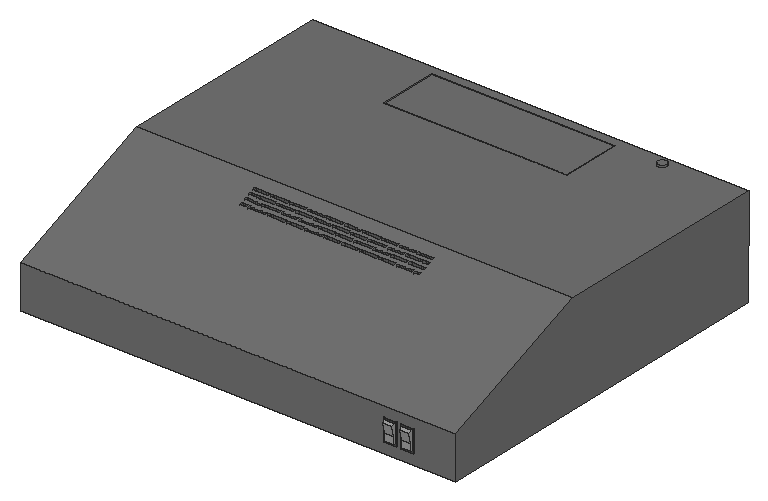
Revit family "Qf_Summit_HC24BB_Under Cabinet Convertible Range Hood", category Specialty Equipment, Revit 2020 (continued)
Lines and regions (in)
  symbolic lines
    curve 154: line (16.34287, -13.05744, 0) -> (15.57454, -13.05744, 0)
    curve 155: spline (15.57454, -13.05744, 0) -> (15.55559, -13.05512, 0) -> (15.53794, -13.04831, 0) -> (15.52278, -13.03747, 0) -> (15.51114, -13.02335, 0) -> (15.50383, -13.00691, 0) -> (15.50134, -12.98926, 0) -> (15.50383, -12.97162, 0) -> (15.51114, -12.95517, 0) -> (15.52278, -12.94105, 0) -> (15.53794, -12.93022, 0) -> (15.55559, -12.9234, 0) -> (15.57454, -12.92108, 0)
    curve 156: line (15.57454, -12.92108, 0) -> (16.34287, -12.92108, 0)
    curve 157: spline (16.34287, -12.92108, 0) -> (16.36181, -12.9234, 0) -> (16.37947, -12.93022, 0) -> (16.39463, -12.94105, 0) -> (16.40626, -12.95517, 0) -> (16.41357, -12.97162, 0) -> (16.41607, -12.98926, 0) -> (16.41357, -13.00691, 0) -> (16.40626, -13.02335, 0) -> (16.39463, -13.03747, 0) -> (16.37947, -13.04831, 0) -> (16.36181, -13.05512, 0) -> (16.34287, -13.05744, 0)
    curve 158: line (16.74483, -12.77202, 0) -> (15.99213, -12.77202, 0)
    curve 159: spline (15.99213, -12.77202, 0) -> (15.97318, -12.7697, 0) -> (15.95553, -12.76289, 0) -> (15.94037, -12.75205, 0) -> (15.92873, -12.73793, 0) -> (15.92142, -12.72149, 0) -> (15.91893, -12.70384, 0) -> (15.92142, -12.6862, 0) -> (15.92873, -12.66975, 0) -> (15.94037, -12.65563, 0) -> (15.95553, -12.6448, 0) -> (15.97318, -12.63798, 0) -> (15.99213, -12.63566, 0)
    curve 160: line (15.99213, -12.63566, 0) -> (16.74483, -12.63566, 0)
    curve 161: spline (16.74483, -12.63566, 0) -> (16.76378, -12.63798, 0) -> (16.78143, -12.6448, 0) -> (16.79659, -12.65563, 0) -> (16.80823, -12.66975, 0) -> (16.81554, -12.6862, 0) -> (16.81803, -12.70384, 0) -> (16.81554, -12.72149, 0) -> (16.80823, -12.73793, 0) -> (16.79659, -12.75205, 0) -> (16.78143, -12.76289, 0) -> (16.76378, -12.7697, 0) -> (16.74483, -12.77202, 0)
    curve 162: line (15.99213, -13.21617, 0) -> (16.74483, -13.21617, 0)
    curve 163: spline (16.74483, -13.21617, 0) -> (16.76378, -13.2185, 0) -> (16.78143, -13.22531, 0) -> (16.79659, -13.23614, 0) -> (16.80823, -13.25027, 0) -> (16.81554, -13.26671, 0) -> (16.81803, -13.28436, 0) -> (16.81554, -13.302, 0) -> (16.80823, -13.31845, 0) -> (16.79659, -13.33257, 0) -> (16.78143, -13.3434, 0) -> (16.76378, -13.35021, 0) -> (16.74483, -13.35254, 0)
    curve 164: line (16.74483, -13.35254, 0) -> (15.99213, -13.35254, 0)
    curve 165: spline (15.99213, -13.35254, 0) -> (15.97318, -13.35021, 0) -> (15.95553, -13.3434, 0) -> (15.94037, -13.33257, 0) -> (15.92873, -13.31845, 0) -> (15.92142, -13.302, 0) -> (15.91893, -13.28436, 0) -> (15.92142, -13.26671, 0) -> (15.92873, -13.25027, 0) -> (15.94037, -13.23614, 0) -> (15.95553, -13.22531, 0) -> (15.97318, -13.2185, 0) -> (15.99213, -13.21617, 0)
    curve 166: line (16.54576, -13.52702, 0) -> (16.75159, -13.52702, 0)
    curve 167: spline (16.75159, -13.52702, 0) -> (16.77054, -13.52934, 0) -> (16.78819, -13.53615, 0) -> (16.80335, -13.54699, 0) -> (16.81498, -13.56111, 0) -> (16.8223, -13.57755, 0) -> (16.82479, -13.5952, 0) -> (16.8223, -13.61285, 0) -> (16.81498, -13.62929, 0) -> (16.80335, -13.64341, 0) -> (16.78819, -13.65425, 0) -> (16.77054, -13.66106, 0) -> (16.75159, -13.66338, 0)
    curve 168: line (16.75159, -13.66338, 0) -> (16.54576, -13.66338, 0)
    curve 169: spline (16.54576, -13.66338, 0) -> (16.52682, -13.66106, 0) -> (16.50916, -13.65425, 0) -> (16.494, -13.64341, 0) -> (16.48237, -13.62929, 0) -> (16.47506, -13.61285, 0) -> (16.47256, -13.5952, 0) -> (16.47506, -13.57755, 0) -> (16.48237, -13.56111, 0) -> (16.494, -13.54699, 0) -> (16.50916, -13.53615, 0) -> (16.52682, -13.52934, 0) -> (16.54576, -13.52702, 0)
    curve 170: line (16.75159, -13.05744, 0) -> (16.54576, -13.05744, 0)
    curve 171: spline (16.54576, -13.05744, 0) -> (16.52682, -13.05512, 0) -> (16.50916, -13.04831, 0) -> (16.494, -13.03747, 0) -> (16.48237, -13.02335, 0) -> (16.47506, -13.00691, 0) -> (16.47256, -12.98926, 0) -> (16.47506, -12.97162, 0) -> (16.48237, -12.95517, 0) -> (16.494, -12.94105, 0) -> (16.50916, -12.93022, 0) -> (16.52682, -12.9234, 0) -> (16.54576, -12.92108, 0)
    curve 172: line (16.54576, -12.92108, 0) -> (16.75159, -12.92108, 0)
    curve 173: spline (16.75159, -12.92108, 0) -> (16.77054, -12.9234, 0) -> (16.78819, -12.93022, 0) -> (16.80335, -12.94105, 0) -> (16.81498, -12.95517, 0) -> (16.8223, -12.97162, 0) -> (16.82479, -12.98926, 0) -> (16.8223, -13.00691, 0) -> (16.81498, -13.02335, 0) -> (16.80335, -13.03747, 0) -> (16.78819, -13.04831, 0) -> (16.77054, -13.05512, 0) -> (16.75159, -13.05744, 0)
Dimensions and locks (in)
  equal spacing: plane 3 "LEFT", plane 7 "Center Y", plane 4 "RIGHT"
  "Length": plane 3 "LEFT" to plane 4 "RIGHT"
  equal spacing: plane 5 "FRONT", plane 8 "Center X", plane 1 "BACK"
  "Depth": plane 5 "FRONT" to plane 1 "BACK"
  "Height": plane 6 "TOP" to level
  plane 9 to level = 2 3/8"
  plane 10 to plane 1 "BACK" = 12"
  plane 11 to plane 12 = 11 1/4"
  plane 7 "Center Y" to plane 13 = 7 5/8"
  plane 5 "FRONT" to plane 14 = 6"
  locked: plane 3 "LEFT" to plane 15 at 1.5
  locked: plane 16 to plane 4 "RIGHT" at 1.5
  plane 19 to plane 1 "BACK" = 1/2"
  plane 20 to plane 19 = 3 1/4"
  plane 22 to plane 23 = 10"
  aligned and locked: level to plane 2
  aligned and locked: Extrusion 2 to plane 4 "RIGHT"
  aligned and locked: plane 15 to Extrusion 1
  aligned and locked: plane 16 to Extrusion 3
  aligned and locked: Extrusion 3 to plane 4 "RIGHT"
  aligned and locked: Extrusion 2 to Extrusion 4
  aligned and locked: Extrusion 6 to Extrusion 5
  aligned and locked: cut or joined group 1 (Extrusion 1, Extrusion 2, Extrusion 3, Extrusion 4, Extrusion 5, Extrusion 6, Extrusion 7, Extrusion 8, Extrusion 9) to Extrusion 10
  aligned and locked: Extrusion 11 to plane 6 "TOP"
Automatic sketch dimensions
  plane 1 "BACK" to curve 1 = 0"
  curve 1 to plane 3 "LEFT" = 0"
  curve 4 to plane 4 "RIGHT" = 0"
  plane 5 "FRONT" to curve 1 = 0"
  curve 2 to plane 10 = 0"
  curve 6 to plane 22 = 0.07362"
  curve 16 to plane 22 = 0.07362"
  curve 21 to plane 22 = 0.07362"
  curve 13 to plane 22 = 0.07362"
  curve 12 to curve 13 = 0.22927"
  curve 19 to curve 19 = 0.22927"
  curve 18 to curve 22 = 0.20664"
  curve 10 to curve 28 = 0.20664"
  curve 26 to curve 14 = 0.31679"
  curve 27 to curve 6 = 0.31679"
  curve 7 to curve 32 = 51/256"
  curve 15 to curve 38 = 51/256"
  curve 30 to curve 28 = 0.34607"
  curve 41 to curve 24 = 0.34607"
  curve 29 to curve 34 = 0.19575"
  curve 23 to curve 42 = 0.19575"
  curve 37 to curve 30 = 0.32027"
  curve 36 to curve 38 = 0.32027"
  curve 33 to curve 52 = 0.19575"
  curve 39 to curve 46 = 0.19575"
  curve 48 to curve 42 = 0.34607"
  curve 49 to curve 36 = 0.34607"
  curve 36 to curve 58 = 0.20509"
  curve 43 to curve 54 = 0.20509"
  curve 59 to curve 52 = 0.20155"
  curve 59 to curve 46 = 0.20155"
  curve 50 to curve 62 = 0.22071"
  curve 46 to curve 66 = 0.22071"
  curve 62 to curve 60 = 0.34607"
  curve 68 to curve 54 = 0.34607"
  curve 61 to curve 70 = 0.19575"
  curve 55 to curve 82 = 0.19575"
  curve 72 to curve 66 = 0.32027"
  curve 73 to curve 62 = 0.32027"
  curve 67 to curve 78 = 0.19575"
  curve 65 to curve 76 = 0.19575"
  curve 81 to curve 82 = 0.34607"
  curve 74 to curve 70 = 0.34607"
  curve 83 to curve 88 = 0.21604"
  curve 71 to curve 96 = 0.21604"
  curve 78 to plane 7 "Center Y" = 0.13267"
  curve 74 to plane 7 "Center Y" = 0.13267"
  plane 7 "Center Y" to curve 92 = 0.08338"
  plane 7 "Center Y" to curve 100 = 0.08338"
  curve 92 to curve 86 = 0.34607"
  curve 100 to curve 94 = 0.34607"
  curve 87 to curve 108 = 0.20509"
  curve 95 to curve 102 = 0.20509"
  curve 104 to curve 90 = 0.20155"
  curve 105 to curve 100 = 0.20155"
  curve 91 to curve 110 = 0.22071"
  curve 99 to curve 114 = 0.22071"
  curve 110 to curve 106 = 0.34607"
  curve 116 to curve 102 = 0.34607"
  curve 104 to curve 120 = 0.19575"
  curve 107 to curve 122 = 0.19575"
  curve 121 to curve 116 = 0.32027"
  curve 125 to curve 110 = 0.32027"
  curve 115 to curve 130 = 0.19575"
  curve 112 to curve 126 = 0.19575"
  curve 128 to curve 122 = 0.34607"
  curve 126 to curve 120 = 0.34607"
  curve 123 to curve 136 = 0.1994"
  curve 119 to curve 138 = 0.22595"
  curve 139 to curve 130 = 0.18068"
  curve 138 to curve 126 = 0.18068"
  curve 130 to curve 142 = 0.21604"
  curve 127 to curve 146 = 0.21604"
  curve 142 to curve 140 = 0.34607"
  curve 148 to curve 134 = 0.34607"
  curve 134 to curve 150 = 0.20509"
  curve 138 to curve 154 = 0.20509"
  curve 154 to curve 146 = 0.20155"
  curve 155 to curve 142 = 0.20155"
  curve 147 to curve 164 = 0.21604"
  curve 145 to curve 160 = 0.21604"
  curve 158 to curve 156 = 0.35074"
  curve 165 to curve 152 = 0.35074"
  curve 154 to curve 170 = 0.20289"
  curve 150 to curve 168 = 0.20289"
  curve 158 to plane 23 = 0.19517"
  curve 164 to plane 23 = 0.19517"
  curve 168 to plane 23 = 0.18841"
  curve 163 to curve 170 = 0.00676"
  plane 14 to curve 19 = 0.334"
  plane 14 to curve 88 = 0.33662"
  plane 14 to curve 168 = 0.33662"
  plane 14 to curve 84 = 0.33662"
  plane 14 to curve 124 = 0.33662"
  curve 87 to curve 108 = 0"
  plane 14 to curve 134 = 0.33662"
  plane 14 to curve 56 = 0.33662"
  plane 14 to curve 44 = 0.33662"
  curve 150 to curve 169 = 0"
  curve 18 to curve 24 = 0.00261"
  curve 19 to curve 21 = 0.13636"
  curve 108 to curve 106 = 0.13636"
  curve 25 to curve 22 = 0.13636"
  curve 150 to curve 152 = 0.13636"
  curve 55 to curve 54 = 0.13636"
  curve 135 to curve 136 = 0.13636"
  curve 123 to curve 122 = 0.13636"
  curve 45 to curve 42 = 0.13636"
  curve 85 to curve 82 = 0.13636"
  curve 87 to curve 86 = 0.13636"
  curve 167 to curve 166 = 0.13636"
  curve 57 to curve 48 = 0.17448"
  curve 25 to curve 16 = 0.17448"
  curve 83 to curve 80 = 0.24266"
  curve 109 to curve 92 = 0.17448"
  curve 15 to curve 40 = 0"
  curve 47 to curve 68 = 0"
  curve 167 to curve 164 = 0.17448"
  curve 91 to curve 110 = 0"
  curve 148 to curve 165 = 0"
  curve 128 to curve 149 = 0"
  curve 40 to curve 38 = 0.13636"
  curve 113 to curve 112 = 0.13636"
  curve 80 to curve 78 = 0.13636"
  curve 127 to curve 126 = 0.13636"
  curve 148 to curve 146 = 0.13636"
  curve 69 to curve 66 = 0.13636"
  curve 91 to curve 90 = 0.13636"
  curve 164 to curve 162 = 0.13636"
  curve 47 to curve 46 = 0.13636"
  curve 16 to curve 14 = 0.13636"
  curve 165 to curve 154 = 0.15873"
  curve 17 to curve 11 = 0.15873"
  curve 69 to curve 58 = 0.15873"
  curve 41 to curve 26 = 0.15873"
  curve 81 to curve 72 = 0.15873"
  curve 138 to curve 155 = 0"
  curve 93 to curve 96 = 0.15873"
  curve 120 to curve 139 = 0"
  curve 163 to curve 170 = 0.15873"
  curve 26 to curve 36 = 0"
  curve 95 to curve 104 = 0"
  curve 10 to curve 13 = 0.13636"
  curve 120 to curve 118 = 0.13636"
  curve 103 to curve 102 = 0.13636"
  curve 141 to curve 140 = 0.13636"
  curve 35 to curve 34 = 0.13636"
  curve 71 to curve 70 = 0.13636"
  curve 173 to curve 172 = 0.13636"
  curve 58 to curve 60 = 0.13636"
  curve 157 to curve 156 = 0.13636"
  curve 97 to curve 94 = 0.13636"
  curve 29 to curve 28 = 0.13636"
  curve 119 to curve 130 = 0.21724"
  curve 73 to curve 62 = 0.14906"
  curve 173 to curve 158 = 0.14906"
  curve 37 to curve 30 = 0.14906"
  curve 8 to curve 31 = 0"
  curve 105 to curve 100 = 0.14906"
  curve 74 to curve 101 = 0"
  curve 142 to curve 159 = 0"
  curve 116 to curve 131 = 0"
  curve 50 to curve 62 = 0"
  curve 65 to curve 64 = 0.13636"
  curve 158 to curve 160 = 0.13636"
  curve 130 to curve 132 = 0.13636"
  curve 115 to curve 114 = 0.13636"
  curve 74 to curve 76 = 0.13636"
  curve 30 to curve 32 = 0.13636"
  curve 53 to curve 52 = 0.13636"
  curve 7 to curve 6 = 0.13636"
  curve 142 to curve 144 = 0.13636"
  curve 100 to curve 98 = 0.13636"
  curve 17 to plane 22 = 0.00042"
  curve 9 to plane 22 = 0.00042"
  curve 12 to plane 22 = 0.00042"
  curve 20 to plane 22 = 0.00042"
  curve 10 to curve 10 = 0.0732"
  curve 18 to curve 18 = 0.0732"
  curve 27 to curve 27 = 0.0732"
  curve 25 to curve 25 = 0.0732"
  curve 15 to curve 15 = 0.0732"
  curve 7 to curve 7 = 0.0732"
  curve 31 to curve 31 = 0.0732"
  curve 41 to curve 41 = 0.0732"
  curve 23 to curve 23 = 0.0732"
  curve 29 to curve 29 = 0.0732"
  curve 37 to curve 37 = 0.0732"
  curve 45 to curve 45 = 0.0732"
  curve 33 to curve 33 = 0.0732"
  curve 39 to curve 39 = 0.0732"
  curve 49 to curve 49 = 0.0732"
  curve 51 to curve 51 = 0.0732"
  curve 43 to curve 43 = 0.0732"
  curve 35 to curve 35 = 0.0732"
  curve 57 to curve 57 = 0.0732"
  curve 59 to curve 59 = 0.0732"
  curve 47 to curve 47 = 0.0732"
  curve 53 to curve 53 = 0.0732"
  curve 63 to curve 63 = 0.0732"
  curve 69 to curve 69 = 0.0732"
  curve 55 to curve 55 = 0.0732"
  curve 61 to curve 61 = 0.0732"
  curve 73 to curve 73 = 0.0732"
  curve 85 to curve 85 = 0.0732"
  curve 67 to curve 67 = 0.0732"
  curve 65 to curve 65 = 0.0732"
  curve 81 to curve 81 = 0.0732"
  curve 75 to curve 75 = 0.0732"
  curve 71 to curve 71 = 0.0732"
  curve 83 to curve 83 = 0.0732"
  curve 97 to curve 97 = 0.0732"
  curve 89 to curve 89 = 0.0732"
  curve 79 to curve 79 = 0.0732"
  curve 77 to curve 77 = 0.0732"
  plane 7 "Center Y" to curve 93 = 0.01018"
  plane 7 "Center Y" to curve 101 = 0.01018"
  curve 87 to curve 87 = 0.0732"
  curve 95 to curve 95 = 0.0732"
  curve 109 to curve 109 = 0.0732"
  curve 105 to curve 105 = 0.0732"
  curve 91 to curve 91 = 0.0732"
  curve 99 to curve 99 = 0.0732"
  curve 111 to curve 111 = 0.0732"
  curve 117 to curve 117 = 0.0732"
  curve 107 to curve 107 = 0.0732"
  curve 103 to curve 103 = 0.0732"
  curve 121 to curve 121 = 0.0732"
  curve 125 to curve 125 = 0.0732"
  curve 113 to curve 113 = 0.0732"
  curve 115 to curve 115 = 0.0732"
  curve 129 to curve 129 = 0.0732"
  curve 131 to curve 131 = 0.0732"
  curve 123 to curve 123 = 0.0732"
  curve 119 to curve 119 = 0.0732"
  curve 135 to curve 135 = 0.0732"
  curve 139 to curve 139 = 0.0732"
  curve 133 to curve 133 = 0.0732"
  curve 127 to curve 127 = 0.0732"
  curve 143 to curve 143 = 0.0732"
  curve 149 to curve 149 = 0.0732"
  curve 137 to curve 137 = 0.0732"
  curve 141 to curve 141 = 0.0732"
  curve 151 to curve 151 = 0.0732"
  curve 155 to curve 155 = 0.0732"
  curve 147 to curve 147 = 0.0732"
  curve 145 to curve 145 = 0.0732"
  curve 165 to curve 165 = 0.0732"
  curve 159 to curve 159 = 0.0732"
  curve 157 to curve 157 = 0.0732"
  curve 153 to curve 153 = 0.0732"
  curve 169 to curve 169 = 0.0732"
  curve 171 to curve 171 = 0.0732"
  curve 161 to curve 161 = 0.0732"
  curve 163 to curve 163 = 0.0732"
  curve 173 to curve 173 = 0.0732"
  curve 167 to curve 167 = 0.0732"
  Extrusion 1 sketch curve to plane 5 "FRONT" = 0"
  Extrusion 1 sketch curve to plane 6 "TOP" = 0"
  Extrusion 1 sketch curve to plane 10 = 0"
  Extrusion 1 sketch curve to level = 0"
  Extrusion 1 sketch curve to plane 1 "BACK" = 0"
  Extrusion 1 sketch curve to plane 9 = 0"
  Extrusion 2 sketch curve to level = 0"  (x2)
  Extrusion 2 sketch curve to plane 5 "FRONT" = 0"
  Extrusion 2 sketch curve to plane 14 = 0"
  Extrusion 2 sketch curve to plane 6 "TOP" = 0"
  Extrusion 2 sketch curve to plane 10 = 0"
  Extrusion 2 sketch curve to plane 19 = 0"
  Extrusion 2 sketch curve to plane 1 "BACK" = 0"
  Extrusion 2 sketch curve to plane 9 = 0"
  Extrusion 2 sketch curve to plane 6 "TOP" = 0.07428"
  Extrusion 2 sketch curve to plane 8 "Center X" = 0.81598"
  Extrusion 2 sketch curve to plane 6 "TOP" = 1.31804"
  Extrusion 3 sketch curve to plane 5 "FRONT" = 0"
  Extrusion 3 sketch curve to plane 6 "TOP" = 0"
  Extrusion 3 sketch curve to plane 10 = 0"
  Extrusion 3 sketch curve to level = 0"
  Extrusion 3 sketch curve to plane 1 "BACK" = 0"
  Extrusion 3 sketch curve to plane 9 = 0"
  Extrusion 1 to Extrusion 4 sketch curve = 0.68244"  (x2)
  Extrusion 4 sketch curve to Extrusion 4 sketch curve = 0"  (x27)
  Extrusion 4 sketch curve to Extrusion 4 sketch curve = 0.0732"  (x42)
  Extrusion 4 sketch curve to Extrusion 4 sketch curve = 0.16003"  (x6)
  Extrusion 4 sketch curve to Extrusion 4 sketch curve = 0.17041"  (x5)
  Extrusion 4 sketch curve to Extrusion 4 sketch curve = 0.18732"  (x4)
  Extrusion 4 sketch curve to Extrusion 4 sketch curve = 0.00281"
  Extrusion 1 to Extrusion 4 sketch curve = 15.25159"
  Extrusion 4 sketch curve to Extrusion 4 sketch curve = 0.00676"  (x2)
  Extrusion 4 sketch curve to Extrusion 4 sketch curve = 0.20583"  (x2)
  Extrusion 4 sketch curve to Extrusion 4 sketch curve = 0.20289"  (x2)
  Extrusion 4 sketch curve to Extrusion 4 sketch curve = 0.35074"  (x2)
  Extrusion 4 sketch curve to Extrusion 4 sketch curve = 0.21604"  (x8)
  Extrusion 4 sketch curve to Extrusion 4 sketch curve = 0.20155"  (x6)
  Extrusion 4 sketch curve to Extrusion 4 sketch curve = 0.20509"  (x6)
  Extrusion 4 sketch curve to Extrusion 4 sketch curve = 0.34607"  (x16)
  Extrusion 4 sketch curve to Extrusion 4 sketch curve = 0.18068"
  Extrusion 4 sketch curve to Extrusion 4 sketch curve = 0.20724"
  Extrusion 4 sketch curve to Extrusion 4 sketch curve = 0.22595"
  Extrusion 4 sketch curve to Extrusion 4 sketch curve = 0.1994"
  Extrusion 4 sketch curve to Extrusion 4 sketch curve = 0.19575"  (x12)
  Extrusion 4 sketch curve to Extrusion 4 sketch curve = 0.32027"  (x6)
  Extrusion 4 sketch curve to Extrusion 4 sketch curve = 0.22071"  (x4)
  Extrusion 4 sketch curve to Extrusion 4 sketch curve = 0.19059"  (x2)
  Extrusion 4 sketch curve to Extrusion 4 sketch curve = 51/256"  (x2)
  Extrusion 4 sketch curve to Extrusion 4 sketch curve = 0.31679"  (x2)
  Extrusion 4 sketch curve to Extrusion 4 sketch curve = 0.20664"  (x2)
  Extrusion 4 sketch curve to Extrusion 4 sketch curve = 0.22927"  (x2)
  plane 20 to Extrusion 5 sketch curve = 0"
  Extrusion 5 sketch curve to plane 7 "Center Y" = 0"
  Extrusion 5 sketch curve to plane 22 = 1 1/2"
  plane 20 to Extrusion 6 sketch curve = 0"
  Extrusion 6 sketch curve to plane 22 = 0"
  Extrusion 6 sketch curve to plane 23 = 0"
  plane 19 to Extrusion 6 sketch curve = 0"
  Extrusion 6 sketch curve to plane 22 = 1/4"
  Extrusion 6 sketch curve to plane 23 = 1/4"
  Extrusion 6 sketch curve to plane 20 = 1/4"
  plane 19 to Extrusion 6 sketch curve = 1/4"
  Extrusion 7 sketch curve to plane 11 = 0"
  Extrusion 7 sketch curve to plane 12 = 0"
  Extrusion 7 sketch curve to plane 14 = 0"
  plane 19 to Extrusion 7 sketch curve = 0"
  Extrusion 7 sketch curve to plane 11 = 1/4"
  Extrusion 7 sketch curve to plane 12 = 1/4"
  plane 14 to Extrusion 7 sketch curve = 1/4"
  plane 19 to Extrusion 7 sketch curve = 1/4"
  Extrusion 8 sketch curve to Extrusion 2 = 0"  (x4)
  Extrusion 2 to Extrusion 8 sketch curve = 0.15581"
  Extrusion 8 sketch curve to Extrusion 2 = 0.08943"
  Extrusion 9 sketch curve to Extrusion 6 = 0"  (x4)
  Extrusion 1 to Extrusion 10 sketch curve = 3 3/4"
  Extrusion 1 to Extrusion 10 sketch curve = 1/2"
  Extrusion 10 sketch curve to Extrusion 1 = 15.44"
  Extrusion 10 sketch curve to Extrusion 1 = 5.44"
  Extrusion 11 sketch curve to plane 13 = 0"
  plane 19 to Extrusion 11 sketch curve = 0"
  Extrusion 12 sketch curve to Extrusion 1 = 19/32"  (x2)
  Extrusion 1 to Extrusion 12 sketch curve = 19/32"  (x2)
  Extrusion 12 sketch curve to Extrusion 1 = 20.07157"
  Extrusion 12 sketch curve to Extrusion 12 sketch curve = 0.70845"  (x2)
  Extrusion 12 sketch curve to Extrusion 12 sketch curve = 0.22905"
  plane 5 "FRONT" to Extrusion 13 sketch curve = 0.22258"
  plane 5 "FRONT" to Extrusion 13 sketch curve = 0.09635"
  plane 5 "FRONT" to Extrusion 13 sketch curve = 0.04539"
  level to Extrusion 13 sketch curve = 0.69669"
  Extrusion 13 sketch curve to Extrusion 13 sketch curve = 0.38074"
  Extrusion 13 sketch curve to Extrusion 13 sketch curve = 0.54678"
  Extrusion 13 sketch curve to Extrusion 13 sketch curve = 0.08263"
  plane 5 "FRONT" to Extrusion 14 sketch curve = 0.22258"
  plane 5 "FRONT" to Extrusion 14 sketch curve = 0.09635"
  plane 5 "FRONT" to Extrusion 14 sketch curve = 0.04539"
  level to Extrusion 14 sketch curve = 0.69669"
  Extrusion 14 sketch curve to Extrusion 14 sketch curve = 0.38074"
  Extrusion 14 sketch curve to Extrusion 14 sketch curve = 0.54678"
  Extrusion 14 sketch curve to Extrusion 14 sketch curve = 0.08263"
  radius of Extrusion 11 sketch curve = 1/4"
Connectors (in)
  hvac at (11.94, -2.125, 5.5)
    settings: on cut or joined group 1, index 1, duct flow 0 CFM, flow factor 0, pres drop 0.00 in-wg, loss coef 0, conn angle 0.00°, conn width 10", conn height 3 1/4", conn diameter 24", duct sys type 1, conn prof type 1, flow config 0, flow direction 0, loss method 0, conn ref index -1, conn util no, is conn primary yes, conn desc ""
  electrical at (19.565, -0.5, 5.57173), driven by "Volts", driven by "Apparent Power"
    settings: on Extrusion 11, index 2, voltage 115 V, apparent load 195.5 VA, apparent load phase1 0 VA, apparent load phase2 0 VA, apparent load phase3 0 VA, power factor 1, load classification "Other", number of poles 1, system type 30, power factor state 1, is connector primary yes, connector utility no, sub classification motor no, connector description "Electrical Inlet"
